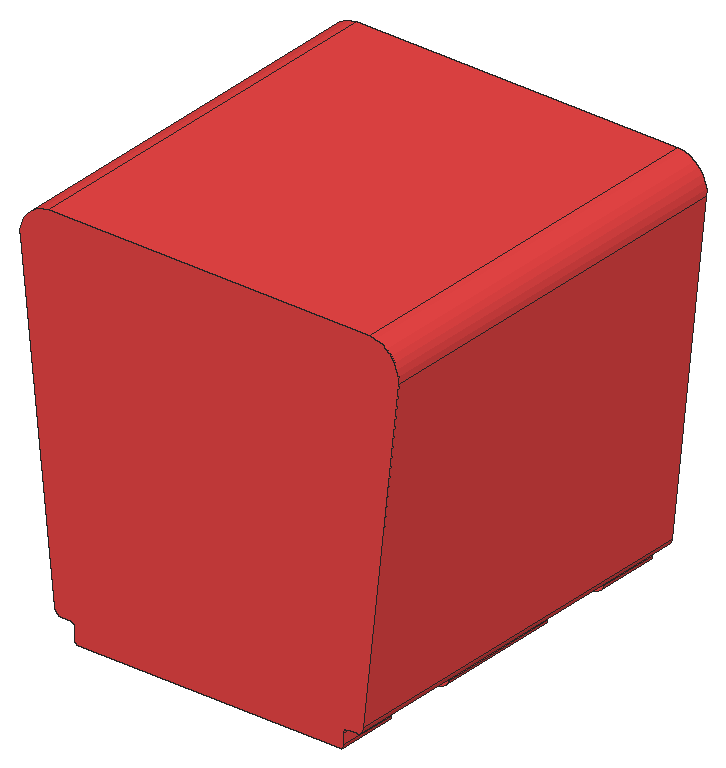
Revit family "Modullaro ML 07", category Furniture, host Face, Revit 2018
Family settings
  Host = Face
  OmniClass Number = 23.40.10.11.14
  OmniClass Title = Exterior Seating
  Cut with Voids When Loaded = No
  Shared = No
  Room Calculation Point = No
Parameters (values of type "Modullaro ML 07")
  Width = 494 mm  # constant formula
  Weight (approximately) = 8.00 kg  # constant formula
  URL = "https://astrini-design.pl/en/"
  Operating temperature = "-40°C to 80°C, ( -40°F to 176°F )"  # constant formula
  Material information = "Colour choice from RAL colour standard. Customer may inquire about specific request regarding individual order."
  Material [instance] = ASTRINI DESIGN_Polyester-Glass Laminate
  Manufacturer = "Astrini Design"  # constant formula
  Type Image = ML-7.jpg
  Model = "Modullaro ML 07"  # constant formula
  Type Comments = "Bench"  # constant formula
  Length = 500 mm  # constant formula
  IfcExportAs = "IfcFurnishingElement"  # constant formula
  Height = 500 mm  # constant formula
  Default Elevation = 1219.2 mm
Reference planes
  plane 1 "Środek (Przód/Tył)": y = 0
  plane 2: z = 0
  plane 3 "Środek (Lewa/Prawa)": x = 0
  plane 4: y = 500
  plane 5: y = -500
Forms (mm)
  Extrusion 1, void
    sketch origin (0, 250, 0) x (1, 0, 0) y (0, 1, 0)
      loop
        arc (-162.837, -413.471) -> (-134.857, -375.279) -> (-162.837, -337.087) r 40.055
        arc (-162.837, -337.087) -> (-175.694, -327.555) -> (-179.954, -312.128) r 24.571
        line (-179.954, -312.128) -> (-295, -312.128) -> (-295, -437.082) -> (-180, -437.082)
        arc (-180, -437.082) -> (-175.305, -422.452) -> (-162.837, -413.471) r 24.57
      loop
        arc (162.837, -413.471) -> (175.305, -422.452) -> (180, -437.082) r 24.57
        line (180, -437.082) -> (295, -437.082) -> (295, -312.128) -> (179.954, -312.128)
        arc (179.954, -312.128) -> (175.694, -327.555) -> (162.837, -337.087) r 24.571
        arc (162.837, -337.087) -> (134.857, -375.279) -> (162.837, -413.471) r 40.055
      loop
        arc (-162.837, -84.029) -> (-175.305, -75.048) -> (-180, -60.418) r 24.57
        line (-180, -60.418) -> (-295, -60.418) -> (-295, -185.372) -> (-179.954, -185.372)
        arc (-179.954, -185.372) -> (-175.694, -169.945) -> (-162.837, -160.413) r 24.571
        arc (-162.837, -160.413) -> (-134.857, -122.221) -> (-162.837, -84.029) r 40.055
      loop
        arc (162.837, -84.029) -> (134.857, -122.221) -> (162.837, -160.413) r 40.055
        arc (162.837, -160.413) -> (175.694, -169.945) -> (179.954, -185.372) r 24.571
        line (179.954, -185.372) -> (295, -185.372) -> (295, -60.418) -> (180, -60.418)
        arc (180, -60.418) -> (175.305, -75.048) -> (162.837, -84.029) r 24.57
    from -30 to 24.5
  Extrusion 2, solid, material "ASTRINI DESIGN_Polyester-Glass Laminate" <- "Material", detail levels fine
    sketch origin (0, 239.078, 0) x (1, 0, 0) y (0, 0, 1)
      loop
        line (-245.577, 448.862) -> (-200.96, 33.931)
        arc (-200.96, 33.931) -> (-197.7, 27.561) -> (-191.018, 25) r 10
        line (-191.018, 25) -> (-180, 25)
        arc (-180, 25) -> (-176.464, 23.536) -> (-175, 20) r 5
        line (-175, 20) -> (-175, 5)
        arc (-175, 5) -> (-173.536, 1.464) -> (-170, 0) r 5
        line (-170, 0) -> (170, 0)
        arc (170, 0) -> (173.536, 1.464) -> (175, 5) r 5
        line (175, 5) -> (175, 20)
        arc (175, 20) -> (176.464, 23.536) -> (180, 25) r 5
        line (180, 25) -> (191.018, 25)
        arc (191.018, 25) -> (197.7, 27.561) -> (200.96, 33.931) r 10
        line (200.96, 33.931) -> (245.577, 448.862)
        arc (245.577, 448.862) -> (236.429, 478.862) -> (208.448, 493.03) r 39.979
        arc (208.448, 493.03) -> (0, 499.871) -> (-208.448, 493.03) r 3179.203
        arc (-208.448, 493.03) -> (-236.429, 478.862) -> (-245.577, 448.862) r 39.979
    from -13.071 to 486.929
  Extrusion 3, solid, material "ASTRINI DESIGN_Polyester-Glass Laminate" <- "Material", detail levels medium
    sketch origin (0, 239.078, 0) x (1, 0, 0) y (0, 0, 1)
      loop
        line (-245.577, 448.862) -> (-197.312, 0) -> (197.312, 0) -> (245.577, 448.862)
        arc (245.577, 448.862) -> (236.429, 478.862) -> (208.448, 493.03) r 39.979
        arc (208.448, 493.03) -> (0, 499.871) -> (-208.448, 493.03) r 3179.203
        arc (-208.448, 493.03) -> (-236.429, 478.862) -> (-245.577, 448.862) r 39.979
    from -13.071 to 486.929
  Extrusion 4, solid, material "ASTRINI DESIGN_Polyester-Glass Laminate" <- "Material", detail levels coarse
    sketch origin (0, 239.078, 0) x (1, 0, 0) y (0, 0, 1)
      loop
        line (245.577, 0) -> (245.577, 499.871) -> (-245.577, 499.871) -> (-245.577, 0) -> (245.577, 0)
    from -13.071 to 486.929
Cuts and joins
  Extrusion 1 cuts Extrusion 2
Lines and regions (mm)
  symbolic lines
    curve 1: line (-245.806, 252.149, 0) -> (245.806, 252.149, 0)
    curve 2: line (-245.806, -250, 0) -> (-245.806, 252.149, 0)
    curve 3: line (245.806, -250, 0) -> (-245.806, -250, 0)
    curve 4: line (245.806, 252.149, 0) -> (245.806, -250, 0)
Dimensions and locks
  aligned and locked: plane 2 to host face
  aligned and locked: level to host face
